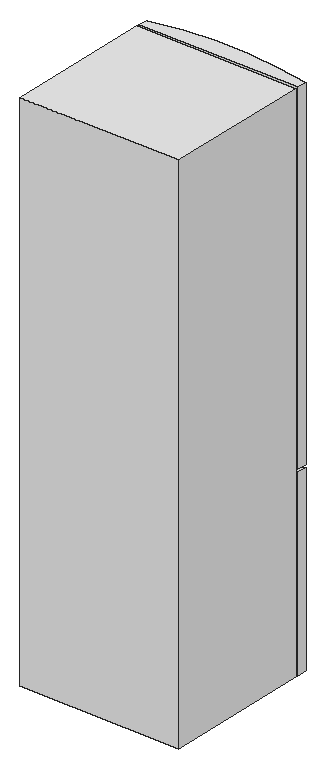
Revit family "Холодильник 600х600х2000 (мор.кам + холод)", category Мебель, Revit 2019
Family settings
  На основе рабочей плоскости = Нет
  Всегда вертикально = Да
  При загрузке вырезать с полостями = Нет
  Общий = Нет
  Точка расчета площади = Нет
Parameters (values of type "600х600х2000")
  Морозилка [instance] = no
  Assembly Code = ""
  Материал холодильник = Материал холодильник
  Изготовитель = "Литвинчук Артур"
  Высота морозилки [instance] = 700 mm
  Высота (полная) [instance] = 2000 mm
  Холодильник + морозилка [instance] = not(Морозилка)  # yes
  URL = "lytvynchukartur@gmail.com"
Reference planes
  plane 1 "Center (Front/Back)": y = 0
  plane 2: z = -10
  plane 3 "Center (Left/Right)": x = 0
  plane 4: z = 690
  plane 5: z = 622.424
Forms (mm)
  Extrusion 1, solid, material "Материал холодильник" <- "Материал холодильник", visible <- "Холодильник + морозилка"
    sketch origin (-300, 0, -10) x (-1, 0, 0) y (0, -1, 0)
      loop
        line (-300, 0) -> (-300, -550) -> (300, -550) -> (300, 0) -> (-300, 0)
    from 12.812 to 2000
  Extrusion 2, solid, material "Материал холодильник" <- "Материал холодильник", visible <- "Холодильник + морозилка"
    sketch origin (-300, 0, -10) x (-1, 0, 0) y (0, -1, 0)
      loop
        line (285, -550) -> (-285, -550) -> (-285, -560) -> (-300, -560) -> (-300, -595)
        spline (-300, -595) -> (-250, -604.742) -> (-200, -612.713) -> (-150, -618.913) -> (-100, -623.341) -> (-50, -625.998) -> (0, -626.883) -> (50, -625.998) -> (100, -623.341) -> (150, -618.913) -> (200, -612.713) -> (250, -604.742) -> (300, -595)
        line (300, -595) -> (300, -560) -> (285, -560) -> (285, -550)
    from 12.812 to 2000
  Extrusion 3, void
    sketch origin (-300, -3.865, 0) x (-1, 0, 0) y (0, 0, 1)
      loop
        arc (-265.847, 51.864) -> (-268.847, 48.864) -> (-265.847, 45.864) r 3
        line (-265.847, 45.864) -> (-230.847, 45.864)
        arc (-230.847, 45.864) -> (-227.847, 48.864) -> (-230.847, 51.864) r 3
        line (-230.847, 51.864) -> (-265.847, 51.864)
      loop
        arc (-265.847, 36.864) -> (-268.847, 33.864) -> (-265.847, 30.864) r 3
        line (-265.847, 30.864) -> (-230.847, 30.864)
        arc (-230.847, 30.864) -> (-227.847, 33.864) -> (-230.847, 36.864) r 3
        line (-230.847, 36.864) -> (-265.847, 36.864)
      loop
        arc (-265.847, 21.864) -> (-268.847, 18.864) -> (-265.847, 15.864) r 3
        line (-265.847, 15.864) -> (-230.847, 15.864)
        arc (-230.847, 15.864) -> (-227.847, 18.864) -> (-230.847, 21.864) r 3
        line (-230.847, 21.864) -> (-265.847, 21.864)
      loop
        arc (-210.847, 51.864) -> (-213.847, 48.864) -> (-210.847, 45.864) r 3
        line (-210.847, 45.864) -> (-175.847, 45.864)
        arc (-175.847, 45.864) -> (-172.847, 48.864) -> (-175.847, 51.864) r 3
        line (-175.847, 51.864) -> (-210.847, 51.864)
      loop
        arc (-210.847, 36.864) -> (-213.847, 33.864) -> (-210.847, 30.864) r 3
        line (-210.847, 30.864) -> (-175.847, 30.864)
        arc (-175.847, 30.864) -> (-172.847, 33.864) -> (-175.847, 36.864) r 3
        line (-175.847, 36.864) -> (-210.847, 36.864)
      loop
        arc (-210.847, 21.864) -> (-213.847, 18.864) -> (-210.847, 15.864) r 3
        line (-210.847, 15.864) -> (-175.847, 15.864)
        arc (-175.847, 15.864) -> (-172.847, 18.864) -> (-175.847, 21.864) r 3
        line (-175.847, 21.864) -> (-210.847, 21.864)
      loop
        arc (-155.847, 51.864) -> (-158.847, 48.864) -> (-155.847, 45.864) r 3
        line (-155.847, 45.864) -> (-120.847, 45.864)
        arc (-120.847, 45.864) -> (-117.847, 48.864) -> (-120.847, 51.864) r 3
        line (-120.847, 51.864) -> (-155.847, 51.864)
      loop
        arc (-155.847, 36.864) -> (-158.847, 33.864) -> (-155.847, 30.864) r 3
        line (-155.847, 30.864) -> (-120.847, 30.864)
        arc (-120.847, 30.864) -> (-117.847, 33.864) -> (-120.847, 36.864) r 3
        line (-120.847, 36.864) -> (-155.847, 36.864)
      loop
        arc (-155.847, 21.864) -> (-158.847, 18.864) -> (-155.847, 15.864) r 3
        line (-155.847, 15.864) -> (-120.847, 15.864)
        arc (-120.847, 15.864) -> (-117.847, 18.864) -> (-120.847, 21.864) r 3
        line (-120.847, 21.864) -> (-155.847, 21.864)
      loop
        arc (-100.847, 51.864) -> (-103.847, 48.864) -> (-100.847, 45.864) r 3
        line (-100.847, 45.864) -> (-65.847, 45.864)
        arc (-65.847, 45.864) -> (-62.847, 48.864) -> (-65.847, 51.864) r 3
        line (-65.847, 51.864) -> (-100.847, 51.864)
      loop
        arc (-100.847, 36.864) -> (-103.847, 33.864) -> (-100.847, 30.864) r 3
        line (-100.847, 30.864) -> (-65.847, 30.864)
        arc (-65.847, 30.864) -> (-62.847, 33.864) -> (-65.847, 36.864) r 3
        line (-65.847, 36.864) -> (-100.847, 36.864)
      loop
        arc (-100.847, 21.864) -> (-103.847, 18.864) -> (-100.847, 15.864) r 3
        line (-100.847, 15.864) -> (-65.847, 15.864)
        arc (-65.847, 15.864) -> (-62.847, 18.864) -> (-65.847, 21.864) r 3
        line (-65.847, 21.864) -> (-100.847, 21.864)
      loop
        arc (-45.847, 51.864) -> (-48.847, 48.864) -> (-45.847, 45.864) r 3
        line (-45.847, 45.864) -> (-10.847, 45.864)
        arc (-10.847, 45.864) -> (-7.847, 48.864) -> (-10.847, 51.864) r 3
        line (-10.847, 51.864) -> (-45.847, 51.864)
      loop
        arc (-45.847, 36.864) -> (-48.847, 33.864) -> (-45.847, 30.864) r 3
        line (-45.847, 30.864) -> (-10.847, 30.864)
        arc (-10.847, 30.864) -> (-7.847, 33.864) -> (-10.847, 36.864) r 3
        line (-10.847, 36.864) -> (-45.847, 36.864)
      loop
        arc (-45.847, 21.864) -> (-48.847, 18.864) -> (-45.847, 15.864) r 3
        line (-45.847, 15.864) -> (-10.847, 15.864)
        arc (-10.847, 15.864) -> (-7.847, 18.864) -> (-10.847, 21.864) r 3
        line (-10.847, 21.864) -> (-45.847, 21.864)
      loop
        arc (9.153, 51.864) -> (6.153, 48.864) -> (9.153, 45.864) r 3
        line (9.153, 45.864) -> (44.153, 45.864)
        arc (44.153, 45.864) -> (47.153, 48.864) -> (44.153, 51.864) r 3
        line (44.153, 51.864) -> (9.153, 51.864)
      loop
        arc (9.153, 36.864) -> (6.153, 33.864) -> (9.153, 30.864) r 3
        line (9.153, 30.864) -> (44.153, 30.864)
        arc (44.153, 30.864) -> (47.153, 33.864) -> (44.153, 36.864) r 3
        line (44.153, 36.864) -> (9.153, 36.864)
      loop
        arc (9.153, 21.864) -> (6.153, 18.864) -> (9.153, 15.864) r 3
        line (9.153, 15.864) -> (44.153, 15.864)
        arc (44.153, 15.864) -> (47.153, 18.864) -> (44.153, 21.864) r 3
        line (44.153, 21.864) -> (9.153, 21.864)
      loop
        arc (64.153, 51.864) -> (61.153, 48.864) -> (64.153, 45.864) r 3
        line (64.153, 45.864) -> (99.153, 45.864)
        arc (99.153, 45.864) -> (102.153, 48.864) -> (99.153, 51.864) r 3
        line (99.153, 51.864) -> (64.153, 51.864)
      loop
        arc (64.153, 36.864) -> (61.153, 33.864) -> (64.153, 30.864) r 3
        line (64.153, 30.864) -> (99.153, 30.864)
        arc (99.153, 30.864) -> (102.153, 33.864) -> (99.153, 36.864) r 3
        line (99.153, 36.864) -> (64.153, 36.864)
      loop
        arc (64.153, 21.864) -> (61.153, 18.864) -> (64.153, 15.864) r 3
        line (64.153, 15.864) -> (99.153, 15.864)
        arc (99.153, 15.864) -> (102.153, 18.864) -> (99.153, 21.864) r 3
        line (99.153, 21.864) -> (64.153, 21.864)
      loop
        arc (119.153, 51.864) -> (116.153, 48.864) -> (119.153, 45.864) r 3
        line (119.153, 45.864) -> (154.153, 45.864)
        arc (154.153, 45.864) -> (157.153, 48.864) -> (154.153, 51.864) r 3
        line (154.153, 51.864) -> (119.153, 51.864)
      loop
        arc (119.153, 36.864) -> (116.153, 33.864) -> (119.153, 30.864) r 3
        line (119.153, 30.864) -> (154.153, 30.864)
        arc (154.153, 30.864) -> (157.153, 33.864) -> (154.153, 36.864) r 3
        line (154.153, 36.864) -> (119.153, 36.864)
      loop
        arc (119.153, 21.864) -> (116.153, 18.864) -> (119.153, 15.864) r 3
        line (119.153, 15.864) -> (154.153, 15.864)
        arc (154.153, 15.864) -> (157.153, 18.864) -> (154.153, 21.864) r 3
        line (154.153, 21.864) -> (119.153, 21.864)
      loop
        arc (174.153, 51.864) -> (171.153, 48.864) -> (174.153, 45.864) r 3
        line (174.153, 45.864) -> (209.153, 45.864)
        arc (209.153, 45.864) -> (212.153, 48.864) -> (209.153, 51.864) r 3
        line (209.153, 51.864) -> (174.153, 51.864)
      loop
        arc (174.153, 36.864) -> (171.153, 33.864) -> (174.153, 30.864) r 3
        line (174.153, 30.864) -> (209.153, 30.864)
        arc (209.153, 30.864) -> (212.153, 33.864) -> (209.153, 36.864) r 3
        line (209.153, 36.864) -> (174.153, 36.864)
      loop
        arc (174.153, 21.864) -> (171.153, 18.864) -> (174.153, 15.864) r 3
        line (174.153, 15.864) -> (209.153, 15.864)
        arc (209.153, 15.864) -> (212.153, 18.864) -> (209.153, 21.864) r 3
        line (209.153, 21.864) -> (174.153, 21.864)
      loop
        arc (229.153, 51.864) -> (226.153, 48.864) -> (229.153, 45.864) r 3
        line (229.153, 45.864) -> (264.153, 45.864)
        arc (264.153, 45.864) -> (267.153, 48.864) -> (264.153, 51.864) r 3
        line (264.153, 51.864) -> (229.153, 51.864)
      loop
        arc (229.153, 36.864) -> (226.153, 33.864) -> (229.153, 30.864) r 3
        line (229.153, 30.864) -> (264.153, 30.864)
        arc (264.153, 30.864) -> (267.153, 33.864) -> (264.153, 36.864) r 3
        line (264.153, 36.864) -> (229.153, 36.864)
      loop
        arc (229.153, 21.864) -> (226.153, 18.864) -> (229.153, 15.864) r 3
        line (229.153, 15.864) -> (264.153, 15.864)
        arc (264.153, 15.864) -> (267.153, 18.864) -> (264.153, 21.864) r 3
        line (264.153, 21.864) -> (229.153, 21.864)
    from 553.865 to 639.785
  Extrusion 4, void
    sketch origin (-300, -3.865, 2500) x (-1, 0, 0) y (0, 0, 1)
      loop
        line (-300, -1800) -> (-300, -1810)
        spline (-300, -1810) -> (-250, -1823.142) -> (-200, -1833.895) -> (-150, -1842.259) -> (-100, -1848.233) -> (-50, -1851.817) -> (0, -1853.012) -> (50, -1851.817) -> (100, -1848.233) -> (150, -1842.259) -> (200, -1833.895) -> (250, -1823.142) -> (300, -1810)
        line (300, -1810) -> (300, -1800)
        spline (300, -1800) -> (250, -1813.142) -> (200, -1823.895) -> (150, -1832.259) -> (100, -1838.233) -> (50, -1841.817) -> (0, -1843.012) -> (-50, -1841.817) -> (-100, -1838.233) -> (-150, -1832.259) -> (-200, -1823.895) -> (-250, -1813.142) -> (-300, -1800)
    from 550 to 650
  Extrusion 5, solid, material "Материал холодильник", visible <- "Холодильник + морозилка"
    sketch origin (-300, 0, -10) x (-1, 0, 0) y (0, -1, 0)
      loop
        circle (-262.855, -35.133) r 15
      loop
        circle (262.855, -35.133) r 15
      loop
        circle (-262.855, -515.133) r 15
      loop
        circle (262.855, -515.133) r 15
    from 0 to 12.812
  Extrusion 6, solid, material "Материал холодильник" <- "Материал холодильник", visible <- "Холодильник + морозилка"
    sketch origin (-304.168, 0, 157.211) x (1, 0, 0) y (0, 0, -1)
      loop
        arc (-300, -635) -> (-302, -633) -> (-304, -635) r 2
        line (-304, -635) -> (-304, -645)
        arc (-304, -645) -> (-302, -647) -> (-300, -645) r 2
        line (-300, -645) -> (-300, -635)
      loop
        arc (-300, -815) -> (-302, -813) -> (-304, -815) r 2
        line (-304, -815) -> (-304, -825)
        arc (-304, -825) -> (-302, -827) -> (-300, -825) r 2
        line (-300, -825) -> (-300, -815)
    from 560 to 608.948
  Sweep 7, solid, material "Материал холодильник" <- "Материал холодильник", visible <- "Холодильник + морозилка"
    path origin (-304.304, 0.078, 82.211) x (1, 0, 0) y (0, 1, 0)
      loop
        arc (-302, 608.855) -> (-299.976, 613.852) -> (-295, 615.928) r 7
        line (-295, 615.928) -> (-282.358, 615.928)
    profile origin (-592.984, 616.006, 82.211) x (0, 1, 0) y (0, 0, 1)
      loop
        line (1.851, 890) -> (1.851, 900)
        arc (1.851, 900) -> (-0.149, 902) -> (-2.149, 900) r 2
        line (-2.149, 900) -> (-2.149, 890)
        arc (-2.149, 890) -> (-0.149, 888) -> (1.851, 890) r 2
  Sweep 8, solid, material "Материал холодильник" <- "Материал холодильник", visible <- "Холодильник + морозилка"
    path origin (-304.304, 0.078, -32.789) x (1, 0, 0) y (0, 1, 0)
      loop
        arc (-302, 608.855) -> (-299.976, 613.852) -> (-295, 615.928) r 7
        line (-295, 615.928) -> (-282.358, 615.928)
    profile origin (-592.984, 616.006, -32.789) x (0, 1, 0) y (0, 0, 1)
      loop
        line (1.851, 825) -> (1.851, 835)
        arc (1.851, 835) -> (-0.149, 837) -> (-2.149, 835) r 2
        line (-2.149, 835) -> (-2.149, 825)
        arc (-2.149, 825) -> (-0.149, 823) -> (1.851, 825) r 2
  Sweep 9, solid, material "Материал холодильник" <- "Материал холодильник", visible <- "Холодильник + морозилка"
    path origin (-304.168, 0, 157.211) x (1, 0, 0) y (0, 0, -1)
      loop
        arc (-282.495, -640) -> (-277.545, -642.05) -> (-275.495, -647) r 7
        line (-275.495, -647) -> (-275.495, -813)
        arc (-275.495, -813) -> (-277.545, -817.95) -> (-282.495, -820) r 7
    profile origin (-579.663, 0, 887.211) x (1, 0, 0) y (0, 1, 0)
      loop
        line (-4.922, 613.857) -> (5.078, 613.857)
        arc (5.078, 613.857) -> (7.078, 615.857) -> (5.078, 617.857) r 2
        line (5.078, 617.857) -> (-4.922, 617.857)
        arc (-4.922, 617.857) -> (-6.922, 615.857) -> (-4.922, 613.857) r 2
  Extrusion 10, solid, material "Материал холодильник" <- "Материал холодильник"
    sketch origin (-300, 0, -208.424) x (1, 0, 0) y (0, 0, -1)
      loop
        arc (-300, -635) -> (-302, -633) -> (-304, -635) r 2
        line (-304, -635) -> (-304, -645)
        arc (-304, -645) -> (-302, -647) -> (-300, -645) r 2
        line (-300, -645) -> (-300, -635)
      loop
        arc (-300, -815) -> (-302, -813) -> (-304, -815) r 2
        line (-304, -815) -> (-304, -825)
        arc (-304, -825) -> (-302, -827) -> (-300, -825) r 2
        line (-300, -825) -> (-300, -815)
    from 560 to 608.948
  Sweep 11, solid, material "Материал холодильник" <- "Материал холодильник"
    path origin (-300.137, 0.078, -268.424) x (1, 0, 0) y (0, 1, 0)
      loop
        arc (-302, 608.855) -> (-299.976, 613.852) -> (-295, 615.928) r 7
        line (-295, 615.928) -> (-282.358, 615.928)
    profile origin (-588.816, 616.006, -268.424) x (0, 1, 0) y (0, 0, 1)
      loop
        line (1.851, 875) -> (1.851, 885)
        arc (1.851, 885) -> (-0.149, 887) -> (-2.149, 885) r 2
        line (-2.149, 885) -> (-2.149, 875)
        arc (-2.149, 875) -> (-0.149, 873) -> (1.851, 875) r 2
  Sweep 12, solid, material "Материал холодильник" <- "Материал холодильник"
    path origin (-300.137, 0.078, -398.424) x (1, 0, 0) y (0, 1, 0)
      loop
        arc (-302, 608.855) -> (-299.976, 613.852) -> (-295, 615.928) r 7
        line (-295, 615.928) -> (-282.358, 615.928)
    profile origin (-588.816, 616.006, -398.424) x (0, 1, 0) y (0, 0, 1)
      loop
        line (1.851, 825) -> (1.851, 835)
        arc (1.851, 835) -> (-0.149, 837) -> (-2.149, 835) r 2
        line (-2.149, 835) -> (-2.149, 825)
        arc (-2.149, 825) -> (-0.149, 823) -> (1.851, 825) r 2
  Sweep 13, solid, material "Материал холодильник" <- "Материал холодильник"
    path origin (-300, 0, -208.424) x (1, 0, 0) y (0, 0, -1)
      loop
        arc (-282.495, -640) -> (-277.545, -642.05) -> (-275.495, -647) r 7
        line (-275.495, -647) -> (-275.495, -813)
        arc (-275.495, -813) -> (-277.545, -817.95) -> (-282.495, -820) r 7
    profile origin (-575.495, 0, 521.576) x (1, 0, 0) y (0, 1, 0)
      loop
        line (-4.922, 613.857) -> (5.078, 613.857)
        arc (5.078, 613.857) -> (7.078, 615.857) -> (5.078, 617.857) r 2
        line (5.078, 617.857) -> (-4.922, 617.857)
        arc (-4.922, 617.857) -> (-6.922, 615.857) -> (-4.922, 613.857) r 2
  Extrusion 14, void
    sketch origin (-600, 560, -10) x (0, -1, 0) y (0, 0, -1)
      loop
        line (0, -2000) -> (10, -2000) -> (10, -1990) -> (0, -1990) -> (0, -2000)
    from 0 to 600
  Extrusion 15, void, not visible
    sketch origin (300, 3.865, 2432.424) x (1, 0, 0) y (0, 0, 1)
      loop
        line (-300, -1800) -> (-300, -1810)
        spline (-300, -1810) -> (-250, -1823.142) -> (-200, -1833.895) -> (-150, -1842.259) -> (-100, -1848.233) -> (-50, -1851.817) -> (0, -1853.012) -> (50, -1851.817) -> (100, -1848.233) -> (150, -1842.259) -> (200, -1833.895) -> (250, -1823.142) -> (300, -1810)
        line (300, -1810) -> (300, -1800)
        spline (300, -1800) -> (250, -1813.142) -> (200, -1823.895) -> (150, -1832.259) -> (100, -1838.233) -> (50, -1841.817) -> (0, -1843.012) -> (-50, -1841.817) -> (-100, -1838.233) -> (-150, -1832.259) -> (-200, -1823.895) -> (-250, -1813.142) -> (-300, -1800)
    from 550 to 650
  Extrusion 16, solid, material "Материал холодильник" <- "Материал холодильник", not visible
    sketch origin (300, 0, 65) x (-1, 0, 0) y (0, 0, -1)
      loop
        arc (-300, -635) -> (-302, -633) -> (-304, -635) r 2
        line (-304, -635) -> (-304, -645)
        arc (-304, -645) -> (-302, -647) -> (-300, -645) r 2
        line (-300, -645) -> (-300, -635)
      loop
        arc (-300, -815) -> (-302, -813) -> (-304, -815) r 2
        line (-304, -815) -> (-304, -825)
        arc (-304, -825) -> (-302, -827) -> (-300, -825) r 2
        line (-300, -825) -> (-300, -815)
    from 560 to 608.948
  Sweep 17, solid, material "Материал холодильник" <- "Материал холодильник", not visible
    path origin (300.137, -0.078, -10) x (-1, 0, 0) y (0, -1, 0)
      loop
        arc (-302, 608.855) -> (-299.976, 613.852) -> (-295, 615.928) r 7
        line (-295, 615.928) -> (-282.358, 615.928)
    profile origin (588.816, -616.006, -10) x (0, -1, 0) y (0, 0, 1)
      loop
        line (1.851, 890) -> (1.851, 900)
        arc (1.851, 900) -> (-0.149, 902) -> (-2.149, 900) r 2
        line (-2.149, 900) -> (-2.149, 890)
        arc (-2.149, 890) -> (-0.149, 888) -> (1.851, 890) r 2
  Sweep 18, solid, material "Материал холодильник" <- "Материал холодильник", not visible
    path origin (300.137, -0.078, -125) x (-1, 0, 0) y (0, -1, 0)
      loop
        arc (-302, 608.855) -> (-299.976, 613.852) -> (-295, 615.928) r 7
        line (-295, 615.928) -> (-282.358, 615.928)
    profile origin (588.816, -616.006, -125) x (0, -1, 0) y (0, 0, 1)
      loop
        line (1.851, 825) -> (1.851, 835)
        arc (1.851, 835) -> (-0.149, 837) -> (-2.149, 835) r 2
        line (-2.149, 835) -> (-2.149, 825)
        arc (-2.149, 825) -> (-0.149, 823) -> (1.851, 825) r 2
  Sweep 19, solid, material "Материал холодильник" <- "Материал холодильник", not visible
    path origin (300, 0, 65) x (-1, 0, 0) y (0, 0, -1)
      loop
        arc (-282.495, -640) -> (-277.545, -642.05) -> (-275.495, -647) r 7
        line (-275.495, -647) -> (-275.495, -813)
        arc (-275.495, -813) -> (-277.545, -817.95) -> (-282.495, -820) r 7
    profile origin (575.495, 0, 795) x (-1, 0, 0) y (0, -1, 0)
      loop
        line (-4.922, 613.857) -> (5.078, 613.857)
        arc (5.078, 613.857) -> (7.078, 615.857) -> (5.078, 617.857) r 2
        line (5.078, 617.857) -> (-4.922, 617.857)
        arc (-4.922, 617.857) -> (-6.922, 615.857) -> (-4.922, 613.857) r 2
  Extrusion 20, solid, material "Материал холодильник" <- "Материал холодильник", not visible
    sketch origin (300, 0, -255) x (-1, 0, 0) y (0, 0, -1)
      loop
        arc (-300, -635) -> (-302, -633) -> (-304, -635) r 2
        line (-304, -635) -> (-304, -645)
        arc (-304, -645) -> (-302, -647) -> (-300, -645) r 2
        line (-300, -645) -> (-300, -635)
      loop
        arc (-300, -815) -> (-302, -813) -> (-304, -815) r 2
        line (-304, -815) -> (-304, -825)
        arc (-304, -825) -> (-302, -827) -> (-300, -825) r 2
        line (-300, -825) -> (-300, -815)
    from 560 to 608.948
  Sweep 21, solid, material "Материал холодильник" <- "Материал холодильник", not visible
    path origin (300.137, -0.078, -315) x (-1, 0, 0) y (0, -1, 0)
      loop
        arc (-302, 608.855) -> (-299.976, 613.852) -> (-295, 615.928) r 7
        line (-295, 615.928) -> (-282.358, 615.928)
    profile origin (588.816, -616.006, -315) x (0, -1, 0) y (0, 0, 1)
      loop
        line (1.851, 875) -> (1.851, 885)
        arc (1.851, 885) -> (-0.149, 887) -> (-2.149, 885) r 2
        line (-2.149, 885) -> (-2.149, 875)
        arc (-2.149, 875) -> (-0.149, 873) -> (1.851, 875) r 2
  Sweep 22, solid, material "Материал холодильник" <- "Материал холодильник", not visible
    path origin (300.137, -0.078, -445) x (-1, 0, 0) y (0, -1, 0)
      loop
        arc (-302, 608.855) -> (-299.976, 613.852) -> (-295, 615.928) r 7
        line (-295, 615.928) -> (-282.358, 615.928)
    profile origin (588.816, -616.006, -445) x (0, -1, 0) y (0, 0, 1)
      loop
        line (1.851, 825) -> (1.851, 835)
        arc (1.851, 835) -> (-0.149, 837) -> (-2.149, 835) r 2
        line (-2.149, 835) -> (-2.149, 825)
        arc (-2.149, 825) -> (-0.149, 823) -> (1.851, 825) r 2
  Sweep 23, solid, material "Материал холодильник" <- "Материал холодильник", not visible
    path origin (300, 0, -255) x (-1, 0, 0) y (0, 0, -1)
      loop
        arc (-282.495, -640) -> (-277.545, -642.05) -> (-275.495, -647) r 7
        line (-275.495, -647) -> (-275.495, -813)
        arc (-275.495, -813) -> (-277.545, -817.95) -> (-282.495, -820) r 7
    profile origin (575.495, 0, 475) x (-1, 0, 0) y (0, -1, 0)
      loop
        line (-4.922, 613.857) -> (5.078, 613.857)
        arc (5.078, 613.857) -> (7.078, 615.857) -> (5.078, 617.857) r 2
        line (5.078, 617.857) -> (-4.922, 617.857)
        arc (-4.922, 617.857) -> (-6.922, 615.857) -> (-4.922, 613.857) r 2
  Extrusion 24, solid, material "Материал холодильник" <- "Материал холодильник", not visible
    sketch origin (300, 0, 65) x (1, 0, 0) y (0, 0, 1)
      loop
        line (-300, 635) -> (-300, 645)
        arc (-300, 645) -> (-302, 647) -> (-304, 645) r 2
        line (-304, 645) -> (-304, 635)
        arc (-304, 635) -> (-302, 633) -> (-300, 635) r 2
      loop
        line (-300, 815) -> (-300, 825)
        arc (-300, 825) -> (-302, 827) -> (-304, 825) r 2
        line (-304, 825) -> (-304, 815)
        arc (-304, 815) -> (-302, 813) -> (-300, 815) r 2
    from 560 to 608.948
  Sweep 25, solid, material "Материал холодильник" <- "Материал холодильник", not visible
    path origin (299.863, -0.078, -10) x (1, 0, 0) y (0, 1, 0)
      loop
        arc (-302, -608.855) -> (-299.976, -613.852) -> (-295, -615.928) r 7
        line (-295, -615.928) -> (-282.358, -615.928)
    profile origin (11.184, -616.006, -10) x (0, 1, 0) y (0, 0, 1)
      loop
        arc (-1.851, 890) -> (0.149, 888) -> (2.149, 890) r 2
        line (2.149, 890) -> (2.149, 900)
        arc (2.149, 900) -> (0.149, 902) -> (-1.851, 900) r 2
        line (-1.851, 900) -> (-1.851, 890)
  Sweep 26, solid, material "Материал холодильник" <- "Материал холодильник", not visible
    path origin (299.863, -0.078, -125) x (1, 0, 0) y (0, 1, 0)
      loop
        arc (-302, -608.855) -> (-299.976, -613.852) -> (-295, -615.928) r 7
        line (-295, -615.928) -> (-282.358, -615.928)
    profile origin (11.184, -616.006, -125) x (0, 1, 0) y (0, 0, 1)
      loop
        arc (-1.851, 825) -> (0.149, 823) -> (2.149, 825) r 2
        line (2.149, 825) -> (2.149, 835)
        arc (2.149, 835) -> (0.149, 837) -> (-1.851, 835) r 2
        line (-1.851, 835) -> (-1.851, 825)
  Sweep 27, solid, material "Материал холодильник" <- "Материал холодильник", not visible
    path origin (300, 0, 65) x (1, 0, 0) y (0, 0, 1)
      loop
        arc (-282.495, 640) -> (-277.545, 642.05) -> (-275.495, 647) r 7
        line (-275.495, 647) -> (-275.495, 813)
        arc (-275.495, 813) -> (-277.545, 817.95) -> (-282.495, 820) r 7
    profile origin (24.505, 0, 795) x (-1, 0, 0) y (0, -1, 0)
      loop
        arc (4.922, 613.857) -> (6.922, 615.857) -> (4.922, 617.857) r 2
        line (4.922, 617.857) -> (-5.078, 617.857)
        arc (-5.078, 617.857) -> (-7.078, 615.857) -> (-5.078, 613.857) r 2
        line (-5.078, 613.857) -> (4.922, 613.857)
  Extrusion 28, solid, material "Материал холодильник" <- "Материал холодильник", not visible
    sketch origin (300, 0, -255) x (1, 0, 0) y (0, 0, 1)
      loop
        line (-300, 635) -> (-300, 645)
        arc (-300, 645) -> (-302, 647) -> (-304, 645) r 2
        line (-304, 645) -> (-304, 635)
        arc (-304, 635) -> (-302, 633) -> (-300, 635) r 2
      loop
        line (-300, 815) -> (-300, 825)
        arc (-300, 825) -> (-302, 827) -> (-304, 825) r 2
        line (-304, 825) -> (-304, 815)
        arc (-304, 815) -> (-302, 813) -> (-300, 815) r 2
    from 560 to 608.948
  Sweep 29, solid, material "Материал холодильник" <- "Материал холодильник", not visible
    path origin (299.863, -0.078, -315) x (1, 0, 0) y (0, 1, 0)
      loop
        arc (-302, -608.855) -> (-299.976, -613.852) -> (-295, -615.928) r 7
        line (-295, -615.928) -> (-282.358, -615.928)
    profile origin (11.184, -616.006, -315) x (0, 1, 0) y (0, 0, 1)
      loop
        arc (-1.851, 875) -> (0.149, 873) -> (2.149, 875) r 2
        line (2.149, 875) -> (2.149, 885)
        arc (2.149, 885) -> (0.149, 887) -> (-1.851, 885) r 2
        line (-1.851, 885) -> (-1.851, 875)
  Sweep 30, solid, material "Материал холодильник" <- "Материал холодильник", not visible
    path origin (299.863, -0.078, -445) x (1, 0, 0) y (0, 1, 0)
      loop
        arc (-302, -608.855) -> (-299.976, -613.852) -> (-295, -615.928) r 7
        line (-295, -615.928) -> (-282.358, -615.928)
    profile origin (11.184, -616.006, -445) x (0, 1, 0) y (0, 0, 1)
      loop
        arc (-1.851, 825) -> (0.149, 823) -> (2.149, 825) r 2
        line (2.149, 825) -> (2.149, 835)
        arc (2.149, 835) -> (0.149, 837) -> (-1.851, 835) r 2
        line (-1.851, 835) -> (-1.851, 825)
  Sweep 31, solid, material "Материал холодильник" <- "Материал холодильник", not visible
    path origin (300, 0, -255) x (1, 0, 0) y (0, 0, 1)
      loop
        arc (-282.495, 640) -> (-277.545, 642.05) -> (-275.495, 647) r 7
        line (-275.495, 647) -> (-275.495, 813)
        arc (-275.495, 813) -> (-277.545, 817.95) -> (-282.495, 820) r 7
    profile origin (24.505, 0, 475) x (-1, 0, 0) y (0, -1, 0)
      loop
        arc (4.922, 613.857) -> (6.922, 615.857) -> (4.922, 617.857) r 2
        line (4.922, 617.857) -> (-5.078, 617.857)
        arc (-5.078, 617.857) -> (-7.078, 615.857) -> (-5.078, 613.857) r 2
        line (-5.078, 613.857) -> (4.922, 613.857)
  Extrusion 32, void
    sketch origin (-300, 0, 2.812) x (-1, 0, 0) y (0, -1, 0)
      loop
        line (-285, -550) -> (-285, -577.742) -> (285, -577.742) -> (285, -550) -> (-285, -550)
    from 0 to 80
  Extrusion 33, solid, material "Материал холодильник" <- "Материал холодильник", visible <- "Морозилка"
    sketch origin (-300, 0, -10) x (-1, 0, 0) y (0, -1, 0)
      loop
        line (-300, 0) -> (-300, -550) -> (300, -550) -> (300, 0) -> (-300, 0)
    from 12.812 to 700
  Extrusion 34, solid, material "Материал холодильник" <- "Материал холодильник", visible <- "Морозилка"
    sketch origin (-300, 0, -10) x (-1, 0, 0) y (0, -1, 0)
      loop
        line (285, -550) -> (-285, -550) -> (-285, -560) -> (-300, -560) -> (-300, -595)
        spline (-300, -595) -> (-250, -604.742) -> (-200, -612.713) -> (-150, -618.913) -> (-100, -623.341) -> (-50, -625.998) -> (0, -626.883) -> (50, -625.998) -> (100, -623.341) -> (150, -618.913) -> (200, -612.713) -> (250, -604.742) -> (300, -595)
        line (300, -595) -> (300, -560) -> (285, -560) -> (285, -550)
    from 12.812 to 700
  Extrusion 35, void
    sketch origin (-300, -3.865, 0) x (-1, 0, 0) y (0, 0, 1)
      loop
        arc (-265.847, 51.864) -> (-268.847, 48.864) -> (-265.847, 45.864) r 3
        line (-265.847, 45.864) -> (-230.847, 45.864)
        arc (-230.847, 45.864) -> (-227.847, 48.864) -> (-230.847, 51.864) r 3
        line (-230.847, 51.864) -> (-265.847, 51.864)
      loop
        arc (-265.847, 36.864) -> (-268.847, 33.864) -> (-265.847, 30.864) r 3
        line (-265.847, 30.864) -> (-230.847, 30.864)
        arc (-230.847, 30.864) -> (-227.847, 33.864) -> (-230.847, 36.864) r 3
        line (-230.847, 36.864) -> (-265.847, 36.864)
      loop
        arc (-265.847, 21.864) -> (-268.847, 18.864) -> (-265.847, 15.864) r 3
        line (-265.847, 15.864) -> (-230.847, 15.864)
        arc (-230.847, 15.864) -> (-227.847, 18.864) -> (-230.847, 21.864) r 3
        line (-230.847, 21.864) -> (-265.847, 21.864)
      loop
        arc (-210.847, 51.864) -> (-213.847, 48.864) -> (-210.847, 45.864) r 3
        line (-210.847, 45.864) -> (-175.847, 45.864)
        arc (-175.847, 45.864) -> (-172.847, 48.864) -> (-175.847, 51.864) r 3
        line (-175.847, 51.864) -> (-210.847, 51.864)
      loop
        arc (-210.847, 36.864) -> (-213.847, 33.864) -> (-210.847, 30.864) r 3
        line (-210.847, 30.864) -> (-175.847, 30.864)
        arc (-175.847, 30.864) -> (-172.847, 33.864) -> (-175.847, 36.864) r 3
        line (-175.847, 36.864) -> (-210.847, 36.864)
      loop
        arc (-210.847, 21.864) -> (-213.847, 18.864) -> (-210.847, 15.864) r 3
        line (-210.847, 15.864) -> (-175.847, 15.864)
        arc (-175.847, 15.864) -> (-172.847, 18.864) -> (-175.847, 21.864) r 3
        line (-175.847, 21.864) -> (-210.847, 21.864)
      loop
        arc (-155.847, 51.864) -> (-158.847, 48.864) -> (-155.847, 45.864) r 3
        line (-155.847, 45.864) -> (-120.847, 45.864)
        arc (-120.847, 45.864) -> (-117.847, 48.864) -> (-120.847, 51.864) r 3
        line (-120.847, 51.864) -> (-155.847, 51.864)
      loop
        arc (-155.847, 36.864) -> (-158.847, 33.864) -> (-155.847, 30.864) r 3
        line (-155.847, 30.864) -> (-120.847, 30.864)
        arc (-120.847, 30.864) -> (-117.847, 33.864) -> (-120.847, 36.864) r 3
        line (-120.847, 36.864) -> (-155.847, 36.864)
      loop
        arc (-155.847, 21.864) -> (-158.847, 18.864) -> (-155.847, 15.864) r 3
        line (-155.847, 15.864) -> (-120.847, 15.864)
        arc (-120.847, 15.864) -> (-117.847, 18.864) -> (-120.847, 21.864) r 3
        line (-120.847, 21.864) -> (-155.847, 21.864)
      loop
        arc (-100.847, 51.864) -> (-103.847, 48.864) -> (-100.847, 45.864) r 3
        line (-100.847, 45.864) -> (-65.847, 45.864)
        arc (-65.847, 45.864) -> (-62.847, 48.864) -> (-65.847, 51.864) r 3
        line (-65.847, 51.864) -> (-100.847, 51.864)
      loop
        arc (-100.847, 36.864) -> (-103.847, 33.864) -> (-100.847, 30.864) r 3
        line (-100.847, 30.864) -> (-65.847, 30.864)
        arc (-65.847, 30.864) -> (-62.847, 33.864) -> (-65.847, 36.864) r 3
        line (-65.847, 36.864) -> (-100.847, 36.864)
      loop
        arc (-100.847, 21.864) -> (-103.847, 18.864) -> (-100.847, 15.864) r 3
        line (-100.847, 15.864) -> (-65.847, 15.864)
        arc (-65.847, 15.864) -> (-62.847, 18.864) -> (-65.847, 21.864) r 3
        line (-65.847, 21.864) -> (-100.847, 21.864)
      loop
        arc (-45.847, 51.864) -> (-48.847, 48.864) -> (-45.847, 45.864) r 3
        line (-45.847, 45.864) -> (-10.847, 45.864)
        arc (-10.847, 45.864) -> (-7.847, 48.864) -> (-10.847, 51.864) r 3
        line (-10.847, 51.864) -> (-45.847, 51.864)
      loop
        arc (-45.847, 36.864) -> (-48.847, 33.864) -> (-45.847, 30.864) r 3
        line (-45.847, 30.864) -> (-10.847, 30.864)
        arc (-10.847, 30.864) -> (-7.847, 33.864) -> (-10.847, 36.864) r 3
        line (-10.847, 36.864) -> (-45.847, 36.864)
      loop
        arc (-45.847, 21.864) -> (-48.847, 18.864) -> (-45.847, 15.864) r 3
        line (-45.847, 15.864) -> (-10.847, 15.864)
        arc (-10.847, 15.864) -> (-7.847, 18.864) -> (-10.847, 21.864) r 3
        line (-10.847, 21.864) -> (-45.847, 21.864)
      loop
        arc (9.153, 51.864) -> (6.153, 48.864) -> (9.153, 45.864) r 3
        line (9.153, 45.864) -> (44.153, 45.864)
        arc (44.153, 45.864) -> (47.153, 48.864) -> (44.153, 51.864) r 3
        line (44.153, 51.864) -> (9.153, 51.864)
      loop
        arc (9.153, 36.864) -> (6.153, 33.864) -> (9.153, 30.864) r 3
        line (9.153, 30.864) -> (44.153, 30.864)
        arc (44.153, 30.864) -> (47.153, 33.864) -> (44.153, 36.864) r 3
        line (44.153, 36.864) -> (9.153, 36.864)
      loop
        arc (9.153, 21.864) -> (6.153, 18.864) -> (9.153, 15.864) r 3
        line (9.153, 15.864) -> (44.153, 15.864)
        arc (44.153, 15.864) -> (47.153, 18.864) -> (44.153, 21.864) r 3
        line (44.153, 21.864) -> (9.153, 21.864)
      loop
        arc (64.153, 51.864) -> (61.153, 48.864) -> (64.153, 45.864) r 3
        line (64.153, 45.864) -> (99.153, 45.864)
        arc (99.153, 45.864) -> (102.153, 48.864) -> (99.153, 51.864) r 3
        line (99.153, 51.864) -> (64.153, 51.864)
      loop
        arc (64.153, 36.864) -> (61.153, 33.864) -> (64.153, 30.864) r 3
        line (64.153, 30.864) -> (99.153, 30.864)
        arc (99.153, 30.864) -> (102.153, 33.864) -> (99.153, 36.864) r 3
        line (99.153, 36.864) -> (64.153, 36.864)
      loop
        arc (64.153, 21.864) -> (61.153, 18.864) -> (64.153, 15.864) r 3
        line (64.153, 15.864) -> (99.153, 15.864)
        arc (99.153, 15.864) -> (102.153, 18.864) -> (99.153, 21.864) r 3
        line (99.153, 21.864) -> (64.153, 21.864)
      loop
        arc (119.153, 51.864) -> (116.153, 48.864) -> (119.153, 45.864) r 3
        line (119.153, 45.864) -> (154.153, 45.864)
        arc (154.153, 45.864) -> (157.153, 48.864) -> (154.153, 51.864) r 3
        line (154.153, 51.864) -> (119.153, 51.864)
      loop
        arc (119.153, 36.864) -> (116.153, 33.864) -> (119.153, 30.864) r 3
        line (119.153, 30.864) -> (154.153, 30.864)
        arc (154.153, 30.864) -> (157.153, 33.864) -> (154.153, 36.864) r 3
        line (154.153, 36.864) -> (119.153, 36.864)
      loop
        arc (119.153, 21.864) -> (116.153, 18.864) -> (119.153, 15.864) r 3
        line (119.153, 15.864) -> (154.153, 15.864)
        arc (154.153, 15.864) -> (157.153, 18.864) -> (154.153, 21.864) r 3
        line (154.153, 21.864) -> (119.153, 21.864)
      loop
        arc (174.153, 51.864) -> (171.153, 48.864) -> (174.153, 45.864) r 3
        line (174.153, 45.864) -> (209.153, 45.864)
        arc (209.153, 45.864) -> (212.153, 48.864) -> (209.153, 51.864) r 3
        line (209.153, 51.864) -> (174.153, 51.864)
      loop
        arc (174.153, 36.864) -> (171.153, 33.864) -> (174.153, 30.864) r 3
        line (174.153, 30.864) -> (209.153, 30.864)
        arc (209.153, 30.864) -> (212.153, 33.864) -> (209.153, 36.864) r 3
        line (209.153, 36.864) -> (174.153, 36.864)
      loop
        arc (174.153, 21.864) -> (171.153, 18.864) -> (174.153, 15.864) r 3
        line (174.153, 15.864) -> (209.153, 15.864)
        arc (209.153, 15.864) -> (212.153, 18.864) -> (209.153, 21.864) r 3
        line (209.153, 21.864) -> (174.153, 21.864)
      loop
        arc (229.153, 51.864) -> (226.153, 48.864) -> (229.153, 45.864) r 3
        line (229.153, 45.864) -> (264.153, 45.864)
        arc (264.153, 45.864) -> (267.153, 48.864) -> (264.153, 51.864) r 3
        line (264.153, 51.864) -> (229.153, 51.864)
      loop
        arc (229.153, 36.864) -> (226.153, 33.864) -> (229.153, 30.864) r 3
        line (229.153, 30.864) -> (264.153, 30.864)
        arc (264.153, 30.864) -> (267.153, 33.864) -> (264.153, 36.864) r 3
        line (264.153, 36.864) -> (229.153, 36.864)
      loop
        arc (229.153, 21.864) -> (226.153, 18.864) -> (229.153, 15.864) r 3
        line (229.153, 15.864) -> (264.153, 15.864)
        arc (264.153, 15.864) -> (267.153, 18.864) -> (264.153, 21.864) r 3
        line (264.153, 21.864) -> (229.153, 21.864)
    from 553.865 to 639.785
  Extrusion 36, void
    sketch origin (-600, 560, -10) x (0, -1, 0) y (0, 0, -1)
      loop
        line (0, -700) -> (10, -700) -> (10, -690) -> (0, -690) -> (0, -700)
    from 0 to 600
  Extrusion 37, void
    sketch origin (-300, 0, 2.812) x (-1, 0, 0) y (0, -1, 0)
      loop
        line (-285, -550) -> (-285, -577.742) -> (285, -577.742) -> (285, -550) -> (-285, -550)
    from 0 to 80
  Extrusion 38, solid, material "Материал холодильник" <- "Материал холодильник", visible <- "Холодильник + морозилка", not visible
    sketch origin (-300, 0, 132.576) x (1, 0, 0) y (0, 0, -1)
      loop
        arc (-300, -635) -> (-302, -633) -> (-304, -635) r 2
        line (-304, -635) -> (-304, -645)
        arc (-304, -645) -> (-302, -647) -> (-300, -645) r 2
        line (-300, -645) -> (-300, -635)
      loop
        arc (-300, -815) -> (-302, -813) -> (-304, -815) r 2
        line (-304, -815) -> (-304, -825)
        arc (-304, -825) -> (-302, -827) -> (-300, -825) r 2
        line (-300, -825) -> (-300, -815)
    from 560 to 608.948
  Sweep 39, solid, material "Материал холодильник" <- "Материал холодильник", visible <- "Холодильник + морозилка", not visible
    path origin (-300.137, 0.078, 57.576) x (1, 0, 0) y (0, 1, 0)
      loop
        arc (-302, 608.855) -> (-299.976, 613.852) -> (-295, 615.928) r 7
        line (-295, 615.928) -> (-282.358, 615.928)
    profile origin (-588.816, 616.006, 57.576) x (0, 1, 0) y (0, 0, 1)
      loop
        line (1.851, 890) -> (1.851, 900)
        arc (1.851, 900) -> (-0.149, 902) -> (-2.149, 900) r 2
        line (-2.149, 900) -> (-2.149, 890)
        arc (-2.149, 890) -> (-0.149, 888) -> (1.851, 890) r 2
  Sweep 40, solid, material "Материал холодильник" <- "Материал холодильник", visible <- "Холодильник + морозилка", not visible
    path origin (-300.137, 0.078, -57.424) x (1, 0, 0) y (0, 1, 0)
      loop
        arc (-302, 608.855) -> (-299.976, 613.852) -> (-295, 615.928) r 7
        line (-295, 615.928) -> (-282.358, 615.928)
    profile origin (-588.816, 616.006, -57.424) x (0, 1, 0) y (0, 0, 1)
      loop
        line (1.851, 825) -> (1.851, 835)
        arc (1.851, 835) -> (-0.149, 837) -> (-2.149, 835) r 2
        line (-2.149, 835) -> (-2.149, 825)
        arc (-2.149, 825) -> (-0.149, 823) -> (1.851, 825) r 2
  Sweep 41, solid, material "Материал холодильник" <- "Материал холодильник", visible <- "Холодильник + морозилка", not visible
    path origin (-300, 0, 132.576) x (1, 0, 0) y (0, 0, -1)
      loop
        arc (-282.495, -640) -> (-277.545, -642.05) -> (-275.495, -647) r 7
        line (-275.495, -647) -> (-275.495, -813)
        arc (-275.495, -813) -> (-277.545, -817.95) -> (-282.495, -820) r 7
    profile origin (-575.495, 0, 862.576) x (1, 0, 0) y (0, 1, 0)
      loop
        line (-4.922, 613.857) -> (5.078, 613.857)
        arc (5.078, 613.857) -> (7.078, 615.857) -> (5.078, 617.857) r 2
        line (5.078, 617.857) -> (-4.922, 617.857)
        arc (-4.922, 617.857) -> (-6.922, 615.857) -> (-4.922, 613.857) r 2
  Extrusion 42, solid, material "Материал холодильник" <- "Материал холодильник", not visible
    sketch origin (-300, 0, -187.424) x (1, 0, 0) y (0, 0, -1)
      loop
        arc (-300, -635) -> (-302, -633) -> (-304, -635) r 2
        line (-304, -635) -> (-304, -645)
        arc (-304, -645) -> (-302, -647) -> (-300, -645) r 2
        line (-300, -645) -> (-300, -635)
      loop
        arc (-300, -815) -> (-302, -813) -> (-304, -815) r 2
        line (-304, -815) -> (-304, -825)
        arc (-304, -825) -> (-302, -827) -> (-300, -825) r 2
        line (-300, -825) -> (-300, -815)
    from 560 to 608.948
  Sweep 43, solid, material "Материал холодильник" <- "Материал холодильник", not visible
    path origin (-300.137, 0.078, -247.424) x (1, 0, 0) y (0, 1, 0)
      loop
        arc (-302, 608.855) -> (-299.976, 613.852) -> (-295, 615.928) r 7
        line (-295, 615.928) -> (-282.358, 615.928)
    profile origin (-588.816, 616.006, -247.424) x (0, 1, 0) y (0, 0, 1)
      loop
        line (1.851, 875) -> (1.851, 885)
        arc (1.851, 885) -> (-0.149, 887) -> (-2.149, 885) r 2
        line (-2.149, 885) -> (-2.149, 875)
        arc (-2.149, 875) -> (-0.149, 873) -> (1.851, 875) r 2
  Sweep 44, solid, material "Материал холодильник" <- "Материал холодильник", not visible
    path origin (-300.137, 0.078, -377.424) x (1, 0, 0) y (0, 1, 0)
      loop
        arc (-302, 608.855) -> (-299.976, 613.852) -> (-295, 615.928) r 7
        line (-295, 615.928) -> (-282.358, 615.928)
    profile origin (-588.816, 616.006, -377.424) x (0, 1, 0) y (0, 0, 1)
      loop
        line (1.851, 825) -> (1.851, 835)
        arc (1.851, 835) -> (-0.149, 837) -> (-2.149, 835) r 2
        line (-2.149, 835) -> (-2.149, 825)
        arc (-2.149, 825) -> (-0.149, 823) -> (1.851, 825) r 2
  Sweep 45, solid, material "Материал холодильник" <- "Материал холодильник", not visible
    path origin (-300, 0, -187.424) x (1, 0, 0) y (0, 0, -1)
      loop
        arc (-282.495, -640) -> (-277.545, -642.05) -> (-275.495, -647) r 7
        line (-275.495, -647) -> (-275.495, -813)
        arc (-275.495, -813) -> (-277.545, -817.95) -> (-282.495, -820) r 7
    profile origin (-575.495, 0, 542.576) x (1, 0, 0) y (0, 1, 0)
      loop
        line (-4.922, 613.857) -> (5.078, 613.857)
        arc (5.078, 613.857) -> (7.078, 615.857) -> (5.078, 617.857) r 2
        line (5.078, 617.857) -> (-4.922, 617.857)
        arc (-4.922, 617.857) -> (-6.922, 615.857) -> (-4.922, 613.857) r 2
  Extrusion 46, solid, material "Материал холодильник" <- "Материал холодильник", not visible
    sketch origin (-1300, 0, -187.424) x (1, 0, 0) y (0, 0, -1)
      loop
        arc (-300, -635) -> (-302, -633) -> (-304, -635) r 2
        line (-304, -635) -> (-304, -645)
        arc (-304, -645) -> (-302, -647) -> (-300, -645) r 2
        line (-300, -645) -> (-300, -635)
      loop
        arc (-300, -815) -> (-302, -813) -> (-304, -815) r 2
        line (-304, -815) -> (-304, -825)
        arc (-304, -825) -> (-302, -827) -> (-300, -825) r 2
        line (-300, -825) -> (-300, -815)
    from 560 to 608.948
  Sweep 47, solid, material "Материал холодильник" <- "Материал холодильник", not visible
    path origin (-1300.137, 0.078, -247.424) x (1, 0, 0) y (0, 1, 0)
      loop
        arc (-302, 608.855) -> (-299.976, 613.852) -> (-295, 615.928) r 7
        line (-295, 615.928) -> (-282.358, 615.928)
    profile origin (-1588.816, 616.006, -247.424) x (0, 1, 0) y (0, 0, 1)
      loop
        line (1.851, 875) -> (1.851, 885)
        arc (1.851, 885) -> (-0.149, 887) -> (-2.149, 885) r 2
        line (-2.149, 885) -> (-2.149, 875)
        arc (-2.149, 875) -> (-0.149, 873) -> (1.851, 875) r 2
  Sweep 48, solid, material "Материал холодильник" <- "Материал холодильник", not visible
    path origin (-1300.137, 0.078, -377.424) x (1, 0, 0) y (0, 1, 0)
      loop
        arc (-302, 608.855) -> (-299.976, 613.852) -> (-295, 615.928) r 7
        line (-295, 615.928) -> (-282.358, 615.928)
    profile origin (-1588.816, 616.006, -377.424) x (0, 1, 0) y (0, 0, 1)
      loop
        line (1.851, 825) -> (1.851, 835)
        arc (1.851, 835) -> (-0.149, 837) -> (-2.149, 835) r 2
        line (-2.149, 835) -> (-2.149, 825)
        arc (-2.149, 825) -> (-0.149, 823) -> (1.851, 825) r 2
  Sweep 49, solid, material "Материал холодильник" <- "Материал холодильник", not visible
    path origin (-1300, 0, -187.424) x (1, 0, 0) y (0, 0, -1)
      loop
        arc (-282.495, -640) -> (-277.545, -642.05) -> (-275.495, -647) r 7
        line (-275.495, -647) -> (-275.495, -813)
        arc (-275.495, -813) -> (-277.545, -817.95) -> (-282.495, -820) r 7
    profile origin (-1575.495, 0, 542.576) x (1, 0, 0) y (0, 1, 0)
      loop
        line (-4.922, 613.857) -> (5.078, 613.857)
        arc (5.078, 613.857) -> (7.078, 615.857) -> (5.078, 617.857) r 2
        line (5.078, 617.857) -> (-4.922, 617.857)
        arc (-4.922, 617.857) -> (-6.922, 615.857) -> (-4.922, 613.857) r 2
Cuts and joins
  Extrusion 3, Extrusion 4, Extrusion 14, Extrusion 32, Extrusion 35, Extrusion 36, Extrusion 37 cuts Extrusion 2
  Extrusion 14, Extrusion 32, Extrusion 35, Extrusion 36, Extrusion 37 cuts Extrusion 1
  Extrusion 35, Extrusion 37 cuts Extrusion 33
  Extrusion 35, Extrusion 36, Extrusion 37 cuts Extrusion 34
Dimensions and locks
  "Высота (полная)": Extrusion 1 to plane 2
  locked: cut or joined group 1 (Extrusion 2, Extrusion 3, Extrusion 4, Extrusion 14, Extrusion 32, Extrusion 35, Extrusion 36, Extrusion 37) to Extrusion 14 sketch curve at 10
  "Высота морозилки": plane 4 to plane 2
  Extrusion 10 to plane 4 to Extrusion 6 = 75.424 mm locked, 100.211 mm locked
  aligned and locked: Extrusion 1 to cut or joined group 1
  aligned and locked: cut or joined group 1 to Extrusion 14 sketch curve
  aligned and locked: Extrusion 14 sketch curve to cut or joined group 1
  aligned and locked: Extrusion 14 sketch curve to Extrusion 1
  aligned and locked: cut or joined group 1 to cut or joined group 1
  aligned and locked: Extrusion 2 to Extrusion 3
  aligned and locked: Extrusion 32 sketch curve to cut or joined group 1  (x2)
  aligned and locked: cut or joined group of Extrusion 1, Extrusion 14, Extrusion 32, Extrusion 35, Extrusion 36, Extrusion 37 to Extrusion 32 sketch curve
  aligned and locked: Extrusion 36 sketch curve to Extrusion 33
  aligned and locked: Extrusion 34 to Extrusion 35
  aligned and locked: plane 4 to cut or joined group of Extrusion 33, Extrusion 35, Extrusion 37
  aligned and locked: plane 4 to cut or joined group of Extrusion 34, Extrusion 35, Extrusion 36, Extrusion 37
Automatic sketch dimensions
  Extrusion 4 sketch curve to Extrusion 4 sketch curve = 10 mm
  Extrusion 6 sketch curve to Extrusion 6 sketch curve = 0 mm
  Extrusion 6 sketch curve to Extrusion 6 sketch curve = 2 mm  (x2)
  Extrusion 6 sketch curve to Extrusion 6 sketch curve = 10 mm  (x2)
  Extrusion 6 sketch curve to Extrusion 6 sketch curve = 170 mm
  Sweep 7 sketch curve to Sweep 7 sketch curve = 7 mm
  Sweep 7 sketch curve to Sweep 7 sketch curve = 12.642 mm
  Sweep 7 sketch curve to Sweep 7 sketch curve = 0.074 mm
  profile plane to Sweep 7 sketch curve = 2.149 mm
  profile plane to Sweep 7 sketch curve = 0.149 mm
  profile plane to Sweep 7 sketch curve = 890 mm
  Sweep 7 sketch curve to Sweep 7 sketch curve = 10 mm
  Sweep 8 sketch curve to Sweep 8 sketch curve = 7 mm
  Sweep 8 sketch curve to Sweep 8 sketch curve = 12.642 mm
  Sweep 8 sketch curve to Sweep 8 sketch curve = 0.074 mm
  profile plane to Sweep 8 sketch curve = 2.149 mm
  profile plane to Sweep 8 sketch curve = 0.149 mm
  profile plane to Sweep 8 sketch curve = 825 mm
  Sweep 8 sketch curve to Sweep 8 sketch curve = 10 mm
  Sweep 9 sketch curve to Sweep 9 sketch curve = 0 mm
  Sweep 9 sketch curve to Sweep 9 sketch curve = 7 mm
  Sweep 9 sketch curve to Sweep 9 sketch curve = 166 mm
  profile plane to Sweep 9 sketch curve = 4.922 mm
  Sweep 9 sketch curve to profile plane = 5.078 mm
  profile plane to Sweep 9 sketch curve = 613.857 mm
  Sweep 9 sketch curve to Sweep 9 sketch curve = 2 mm
  Extrusion 10 sketch curve to Extrusion 10 sketch curve = 0 mm
  Extrusion 10 sketch curve to Extrusion 10 sketch curve = 2 mm  (x2)
  Extrusion 10 sketch curve to Extrusion 10 sketch curve = 10 mm  (x2)
  Extrusion 10 sketch curve to Extrusion 10 sketch curve = 170 mm
  Sweep 11 sketch curve to Sweep 11 sketch curve = 7 mm
  Sweep 11 sketch curve to Sweep 11 sketch curve = 12.642 mm
  Sweep 11 sketch curve to Sweep 11 sketch curve = 0.074 mm
  profile plane to Sweep 11 sketch curve = 2.149 mm
  profile plane to Sweep 11 sketch curve = 0.149 mm
  profile plane to Sweep 11 sketch curve = 875 mm
  Sweep 11 sketch curve to Sweep 11 sketch curve = 10 mm
  Sweep 12 sketch curve to Sweep 12 sketch curve = 7 mm
  Sweep 12 sketch curve to Sweep 12 sketch curve = 12.642 mm
  Sweep 12 sketch curve to Sweep 12 sketch curve = 0.074 mm
  profile plane to Sweep 12 sketch curve = 2.149 mm
  profile plane to Sweep 12 sketch curve = 0.149 mm
  profile plane to Sweep 12 sketch curve = 825 mm
  Sweep 12 sketch curve to Sweep 12 sketch curve = 10 mm
  Sweep 13 sketch curve to Sweep 13 sketch curve = 0 mm
  Sweep 13 sketch curve to Sweep 13 sketch curve = 7 mm
  Sweep 13 sketch curve to Sweep 13 sketch curve = 166 mm
  profile plane to Sweep 13 sketch curve = 4.922 mm
  Sweep 13 sketch curve to profile plane = 5.078 mm
  profile plane to Sweep 13 sketch curve = 613.857 mm
  Sweep 13 sketch curve to Sweep 13 sketch curve = 2 mm
  Extrusion 4 sketch curve to Extrusion 4 sketch curve = 600 mm
  Extrusion 15 sketch curve to Extrusion 15 sketch curve = 10 mm
  Extrusion 16 sketch curve to Extrusion 16 sketch curve = 0 mm
  Extrusion 16 sketch curve to Extrusion 16 sketch curve = 2 mm  (x2)
  Extrusion 16 sketch curve to Extrusion 16 sketch curve = 10 mm  (x2)
  Extrusion 16 sketch curve to Extrusion 16 sketch curve = 170 mm
  Sweep 17 sketch curve to Sweep 17 sketch curve = 7 mm
  Sweep 17 sketch curve to Sweep 17 sketch curve = 12.642 mm
  Sweep 17 sketch curve to Sweep 17 sketch curve = 0.074 mm
  profile plane to Sweep 17 sketch curve = 2.149 mm
  profile plane to Sweep 17 sketch curve = 0.149 mm
  profile plane to Sweep 17 sketch curve = 890 mm
  Sweep 17 sketch curve to Sweep 17 sketch curve = 10 mm
  Sweep 18 sketch curve to Sweep 18 sketch curve = 7 mm
  Sweep 18 sketch curve to Sweep 18 sketch curve = 12.642 mm
  Sweep 18 sketch curve to Sweep 18 sketch curve = 0.074 mm
  profile plane to Sweep 18 sketch curve = 2.149 mm
  profile plane to Sweep 18 sketch curve = 0.149 mm
  profile plane to Sweep 18 sketch curve = 825 mm
  Sweep 18 sketch curve to Sweep 18 sketch curve = 10 mm
  Sweep 19 sketch curve to Sweep 19 sketch curve = 0 mm
  Sweep 19 sketch curve to Sweep 19 sketch curve = 7 mm
  Sweep 19 sketch curve to Sweep 19 sketch curve = 166 mm
  profile plane to Sweep 19 sketch curve = 4.922 mm
  Sweep 19 sketch curve to profile plane = 5.078 mm
  profile plane to Sweep 19 sketch curve = 613.857 mm
  Sweep 19 sketch curve to Sweep 19 sketch curve = 2 mm
  Extrusion 20 sketch curve to Extrusion 20 sketch curve = 0 mm
  Extrusion 20 sketch curve to Extrusion 20 sketch curve = 2 mm  (x2)
  Extrusion 20 sketch curve to Extrusion 20 sketch curve = 10 mm  (x2)
  Extrusion 20 sketch curve to Extrusion 20 sketch curve = 170 mm
  Sweep 21 sketch curve to Sweep 21 sketch curve = 7 mm
  Sweep 21 sketch curve to Sweep 21 sketch curve = 12.642 mm
  Sweep 21 sketch curve to Sweep 21 sketch curve = 0.074 mm
  profile plane to Sweep 21 sketch curve = 2.149 mm
  profile plane to Sweep 21 sketch curve = 0.149 mm
  profile plane to Sweep 21 sketch curve = 875 mm
  Sweep 21 sketch curve to Sweep 21 sketch curve = 10 mm
  Sweep 22 sketch curve to Sweep 22 sketch curve = 7 mm
  Sweep 22 sketch curve to Sweep 22 sketch curve = 12.642 mm
  Sweep 22 sketch curve to Sweep 22 sketch curve = 0.074 mm
  profile plane to Sweep 22 sketch curve = 2.149 mm
  profile plane to Sweep 22 sketch curve = 0.149 mm
  profile plane to Sweep 22 sketch curve = 825 mm
  Sweep 22 sketch curve to Sweep 22 sketch curve = 10 mm
  Sweep 23 sketch curve to Sweep 23 sketch curve = 0 mm
  Sweep 23 sketch curve to Sweep 23 sketch curve = 7 mm
  Sweep 23 sketch curve to Sweep 23 sketch curve = 166 mm
  profile plane to Sweep 23 sketch curve = 4.922 mm
  Sweep 23 sketch curve to profile plane = 5.078 mm
  profile plane to Sweep 23 sketch curve = 613.857 mm
  Sweep 23 sketch curve to Sweep 23 sketch curve = 2 mm
  Extrusion 24 sketch curve to Extrusion 24 sketch curve = 2 mm  (x2)
  Extrusion 24 sketch curve to Extrusion 24 sketch curve = 10 mm  (x2)
  Extrusion 24 sketch curve to Extrusion 24 sketch curve = 170 mm
  Sweep 25 sketch curve to Sweep 25 sketch curve = 12.642 mm
  Sweep 25 sketch curve to Sweep 25 sketch curve = 7 mm  (x2)
  profile plane to Sweep 25 sketch curve = 1.851 mm
  Sweep 25 sketch curve to profile plane = 0.149 mm
  profile plane to Sweep 25 sketch curve = 890 mm
  Sweep 25 sketch curve to Sweep 25 sketch curve = 10 mm
  Sweep 26 sketch curve to Sweep 26 sketch curve = 12.642 mm
  Sweep 26 sketch curve to Sweep 26 sketch curve = 7 mm  (x2)
  profile plane to Sweep 26 sketch curve = 1.851 mm
  Sweep 26 sketch curve to profile plane = 0.149 mm
  profile plane to Sweep 26 sketch curve = 825 mm
  Sweep 26 sketch curve to Sweep 26 sketch curve = 10 mm
  Sweep 27 sketch curve to Sweep 27 sketch curve = 7 mm
  Sweep 27 sketch curve to Sweep 27 sketch curve = 166 mm
  profile plane to Sweep 27 sketch curve = 5.078 mm
  Sweep 27 sketch curve to profile plane = 4.922 mm
  profile plane to Sweep 27 sketch curve = 613.857 mm
  Sweep 27 sketch curve to Sweep 27 sketch curve = 2 mm
  Extrusion 28 sketch curve to Extrusion 28 sketch curve = 2 mm  (x2)
  Extrusion 28 sketch curve to Extrusion 28 sketch curve = 10 mm  (x2)
  Extrusion 28 sketch curve to Extrusion 28 sketch curve = 170 mm
  Sweep 29 sketch curve to Sweep 29 sketch curve = 12.642 mm
  Sweep 29 sketch curve to Sweep 29 sketch curve = 7 mm  (x2)
  profile plane to Sweep 29 sketch curve = 1.851 mm
  Sweep 29 sketch curve to profile plane = 0.149 mm
  profile plane to Sweep 29 sketch curve = 875 mm
  Sweep 29 sketch curve to Sweep 29 sketch curve = 10 mm
  Sweep 30 sketch curve to Sweep 30 sketch curve = 12.642 mm
  Sweep 30 sketch curve to Sweep 30 sketch curve = 7 mm  (x2)
  profile plane to Sweep 30 sketch curve = 1.851 mm
  Sweep 30 sketch curve to profile plane = 0.149 mm
  profile plane to Sweep 30 sketch curve = 825 mm
  Sweep 30 sketch curve to Sweep 30 sketch curve = 10 mm
  Sweep 31 sketch curve to Sweep 31 sketch curve = 7 mm
  Sweep 31 sketch curve to Sweep 31 sketch curve = 166 mm
  profile plane to Sweep 31 sketch curve = 5.078 mm
  Sweep 31 sketch curve to profile plane = 4.922 mm
  profile plane to Sweep 31 sketch curve = 613.857 mm
  Sweep 31 sketch curve to Sweep 31 sketch curve = 2 mm
  Extrusion 15 sketch curve to Extrusion 15 sketch curve = 600 mm
  Extrusion 24 sketch curve to Extrusion 24 sketch curve = 0 mm
  Sweep 27 sketch curve to Sweep 27 sketch curve = 0 mm
  Extrusion 28 sketch curve to Extrusion 28 sketch curve = 0 mm
  Sweep 31 sketch curve to Sweep 31 sketch curve = 0 mm
  plane 1 "Center (Front/Back)" to Extrusion 1 sketch curve = 0 mm
  Extrusion 1 sketch curve to plane 3 "Center (Left/Right)" = 0 mm
  Extrusion 1 sketch curve to plane 3 "Center (Left/Right)" = 600 mm
  Extrusion 1 sketch curve to plane 1 "Center (Front/Back)" = 550 mm
  Extrusion 2 sketch curve to plane 3 "Center (Left/Right)" = 0 mm
  Extrusion 2 sketch curve to plane 3 "Center (Left/Right)" = 15 mm
  Extrusion 2 sketch curve to Extrusion 2 sketch curve = 570 mm
  Extrusion 2 sketch curve to Extrusion 2 sketch curve = 15 mm
  Extrusion 2 sketch curve to plane 1 "Center (Front/Back)" = 595 mm
  Extrusion 2 sketch curve to Extrusion 2 sketch curve = 35 mm  (x2)
  Extrusion 2 sketch curve to Extrusion 2 sketch curve = 10 mm
  Extrusion 3 sketch curve to plane 3 "Center (Left/Right)" = 34.153 mm
  Extrusion 3 sketch curve to Extrusion 3 sketch curve = 0 mm  (x37)
  Extrusion 3 sketch curve to Extrusion 3 sketch curve = 35 mm  (x10)
  Extrusion 3 sketch curve to Extrusion 3 sketch curve = 20 mm  (x18)
  level to Extrusion 3 sketch curve = 25.864 mm  (x4)
  Extrusion 3 sketch curve to Extrusion 3 sketch curve = 3 mm  (x30)
  Extrusion 3 sketch curve to Extrusion 3 sketch curve = 9 mm  (x20)
  Extrusion 5 sketch curve to plane 3 "Center (Left/Right)" = 37.145 mm  (x2)
  Extrusion 5 sketch curve to Extrusion 5 sketch curve = 525.71 mm
  Extrusion 5 sketch curve to plane 1 "Center (Front/Back)" = 35.133 mm  (x2)
  Extrusion 5 sketch curve to Extrusion 5 sketch curve = 0 mm
  Extrusion 5 sketch curve to Extrusion 5 sketch curve = 480 mm
  Extrusion 5 sketch curve to plane 1 "Center (Front/Back)" = 515.133 mm
  Extrusion 2 to Extrusion 32 sketch curve = 17.742 mm
  plane 1 "Center (Front/Back)" to Extrusion 33 sketch curve = 0 mm
  Extrusion 33 sketch curve to plane 3 "Center (Left/Right)" = 0 mm
  Extrusion 33 sketch curve to Extrusion 33 sketch curve = 600 mm
  Extrusion 33 sketch curve to Extrusion 33 sketch curve = 550 mm
  Extrusion 34 sketch curve to plane 3 "Center (Left/Right)" = 0 mm
  Extrusion 34 sketch curve to Extrusion 34 sketch curve = 15 mm  (x2)
  Extrusion 34 sketch curve to Extrusion 34 sketch curve = 570 mm
  Extrusion 34 sketch curve to plane 1 "Center (Front/Back)" = 595 mm
  Extrusion 34 sketch curve to Extrusion 34 sketch curve = 35 mm  (x2)
  Extrusion 34 sketch curve to Extrusion 34 sketch curve = 10 mm
  level to Extrusion 35 sketch curve = 58.864 mm  (x4)
  Extrusion 35 sketch curve to plane 3 "Center (Left/Right)" = 34.153 mm
  Extrusion 35 sketch curve to Extrusion 35 sketch curve = 0 mm  (x37)
  Extrusion 35 sketch curve to Extrusion 35 sketch curve = 35 mm  (x10)
  Extrusion 35 sketch curve to Extrusion 35 sketch curve = 20 mm  (x18)
  Extrusion 35 sketch curve to Extrusion 35 sketch curve = 3 mm  (x30)
  Extrusion 35 sketch curve to Extrusion 35 sketch curve = 9 mm  (x20)
  Extrusion 36 sketch curve to Extrusion 34 = 0 mm  (x2)
  Extrusion 36 sketch curve to Extrusion 34 = 10 mm
  Extrusion 37 sketch curve to Extrusion 34 = 0 mm  (x3)
